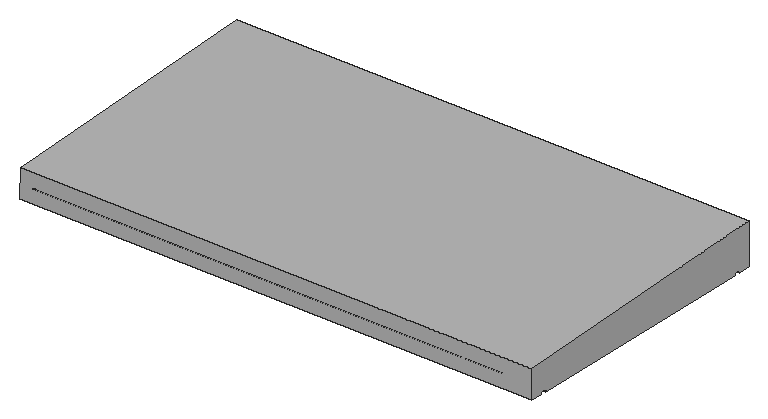
Revit family "WC426 Feather Edge", category Generic Models, Revit 2020
Family settings
  Can host rebar = No
  Round Connector Dimension = Use Diameter
  Part Type = Normal
  Work Plane-Based = No
  Always vertical = Yes
  Cut with Voids When Loaded = No
  Shared = No
  Room Calculation Point = No
Parameters
  Weight = "67Kg"
  Warranty Guarantor Parts = "n/a"
  Warranty Guarantor Labour = "n/a"
  Warranty Duration Unit = "n/a"
  Warranty Duration Parts = "n/a"
  Warranty Duration Labour = "n/a"
  Warranty Description = "n/a"
  Unit Width [instance] = 483 mm
  Unit Length [instance] = 914 mm
  Unit Height [instance] = 75 mm
  URL = "www.killeshal.com"
  Types = "Single"
  Type Comments = "Visit our website for a full list of available products."
  Sustainability Performance = "n/a"
  Structural Class = "n/a"
  Span = "Unit Length"
  Slope = "0.00°"
  Size = "483mm x 75 to 50mm"
  Shape = "As per drawing"
  Service Life = "0.000000"
  Serial Number = "n/a"
  Resistance to Fire = "n/a"
  Replacement Cost = "n/a"
  Reference = "n/a"
  Notified Body = "n/a"
  Nominal Cover to Main Bar = "n/a"
  Model = "W/C 426 Wall Cap."
  Mechanical Resistance = "n/a"
  Manufacturer = "Killeshal Precast Concrete Ltd."
  Load Bearing = no
  Life Cycle Environmental Load = "n/a"
  Length Options = "Stock size 914mm."
  Keynote = "The information contained is the sole property of KPC Ltd., any reproduction in part or whole without permission of KPC Ltd. is prohibited."
  Environmental Product Declaration = "n/a"
  Environmental Class = "n/a"
  Durability against Corrosion = "n/a"
  Dimension Accuracy Class = "n/a"
  Detailing = "As per design specification and product drawings."
  Description = "19\" Feather Edge Wall Cap"
  Default Elevation = 0 mm
  Dangerous Substances = "n/a"
  Contact Tel = "0035357 9353018"
  Contact Email = "sales@killeshal.com"
  Construction Type = "Precast"
  Construction Tolerance Class = "n/a"
  Compressive Strength of Concrete = "n/a"
  Characteristics of Reinforcing Steel = "n/a"
  Characteristics Deflection Under Load = "n/a"
Reference planes
  plane 1 "Center (Front/Back)": y = 0
  plane 2: z = 0
  plane 3 "Center (Left/Right)": x = 0
  plane 4 "Rear": y = 241.5
  plane 5 "Front": y = -241.5
  plane 6 "Top": z = 75
  plane 7 "Center L/T": z = 50
Forms (mm)
  Extrusion 1, solid, material "Precast Concrete (KPC)"
    sketch origin (0, 0, 0) x (0, 1, 0) y (0, 0, 1)
      loop
        line (-241.5, 50) -> (-241.5, 0) -> (-221.5, 0)
        arc (-221.5, 0) -> (-216.5, 5) -> (-211.5, 0) r 5
        line (-211.5, 0) -> (211.5, 0)
        arc (211.5, 0) -> (216.5, 5) -> (221.5, 0) r 5
        line (221.5, 0) -> (241.5, 0) -> (241.5, 75) -> (-241.5, 50)
    from 0 to 914
Dimensions and locks
  "Unit Length": Extrusion 1 to Extrusion 1
  "Unit Width": Extrusion 1 to Extrusion 1
  "Unit Height": plane 6 "Top" to Extrusion 1
  Extrusion 1 to plane 7 "Center L/T" = 50 mm
  aligned and locked: level to plane 2
Automatic sketch dimensions
  Extrusion 1 sketch curve to plane 5 "Front" = 0 mm
  Extrusion 1 sketch curve to level = 0 mm
  Extrusion 1 sketch curve to plane 4 "Rear" = 0 mm
  Extrusion 1 sketch curve to plane 7 "Center L/T" = 0 mm
  Extrusion 1 sketch curve to plane 6 "Top" = 0 mm
  plane 5 "Front" to Extrusion 1 sketch curve = 20 mm
  Extrusion 1 sketch curve to Extrusion 1 sketch curve = 5 mm  (x2)
  Extrusion 1 sketch curve to Extrusion 1 sketch curve = 30 mm
